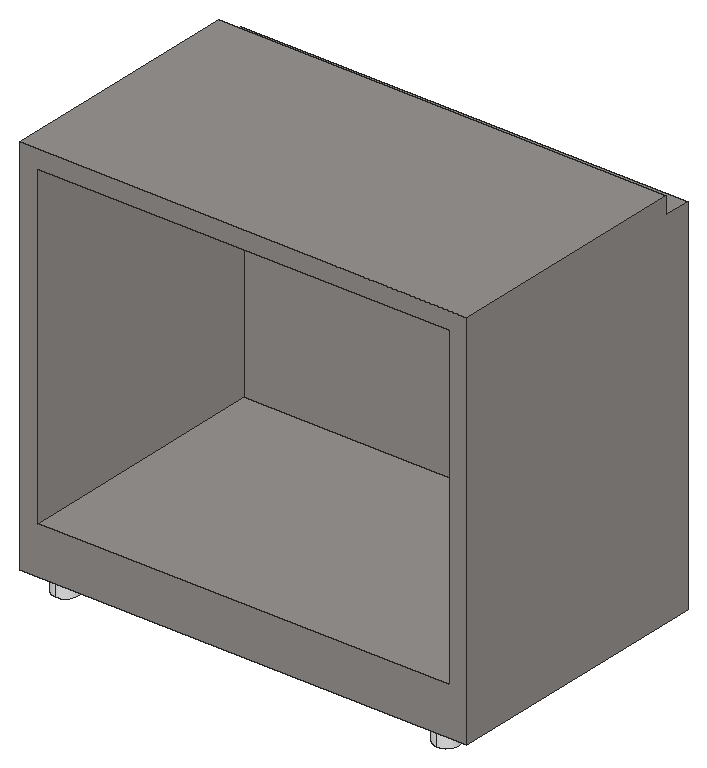
Revit family "Storage-Secondary_Desk-Teknion-BSSO_Bookcase-R2018", category Furniture, Revit 2018
Family settings
  OmniClass Number = 23.40.70.14.64.21
  OmniClass Title = Systems Furniture
  Work Plane-Based = No
  Always vertical = Yes
  Cut with Voids When Loaded = No
  Shared = Yes
  Room Calculation Point = No
Parameters (values of type "Low")
  Width [instance] = 18.000"
  Warranty = "http://www.teknion.com/ca/papers/legal-canada"
  Unit Weight URL = "http://www.teknion.com/pricing/expansion-casegoods/pdfs/wv.pdf"
  Under Height-Adjustable Run-Off [instance] = yes
  URL = "http://www.teknion.com/"
  To render please download texture images found here [instance] = "https://assets.teknion.com/web/5e81352c1dfdb467/revit-material-swatches/"
  Sustainability Data = "http://www.teknion.com/about-teknion/environment/datasheets.asp"
  Shelf Visibility [instance] = if(Height = 25.488", 1 < 2, 1 > 2)  # no
  Series = "Expansion Casegoods"  # constant formula
  Product Page URL = "http://www.teknion.com/ca/products/product-details?productlineid=0053336e-8e7a-673b-a6c8-ff00004460c4"
  Product Line = "Expansion Casegoods"  # constant formula
  Product Documentation Link = "http://www.teknion.com/pricing/expansion-casegoods/pdfs/BSSO_ppg.pdf"
  Part Number = "BSSO"  # constant formula
  Note [instance] = "Available Depths are 20 and 24 inches. Available Widths are available in a range from 18 to 42 inches in 6 inch increments."  # constant formula
  Model = "BSSO__L____"
  Manufacturer Phone = "416-661-3370"
  Manufacturer Fax = "416.661.4586"
  Manufacturer Contact Information = "http://www.teknion.com/ca/contactus"
  Manufacturer Address = "1150 Flint Road, Toronto, ON. M3J 2J5. Canada"
  Manufacturer = "Teknion"  # constant formula
  How To Use Teknion Materials User Guide [instance] = "https://assets.teknion.com/m/205dd0a49fa58060/original/How-to-add-a-Material-Library-and-Texture-Images-to-your-Revit-project.pdf"
  Height = 15.937"
  For Additional Finishes please visit [instance] = "https://assets.teknion.com/m/44a8009b046e5d47/original/Teknion_Materials_Library.zip"
  End of 1-9/16" thick Secondary Desk [instance] = no
  End of 1-3/16" thick Secondary Desk [instance] = no
  End of 1" thick Secondary Desk [instance] = no
  End Configuration [instance] = or([End of 1" thick Secondary Desk], [End of 1-3/16" thick Secondary Desk], [End of 1-9/16" thick Secondary Desk])  # no
  Description = "Bookcase for 1-3/16\" Thick Low Secondary Desk"
  Depth [instance] = 20.000"
  Center Configuration [instance] = not(or([End of 1" thick Secondary Desk], [End of 1-3/16" thick Secondary Desk], [End of 1-9/16" thick Secondary Desk]))  # yes
  Case Finish [instance] = Source Laminate - Teknion - DE - Latte
  Assembly Code = "E2020200"
  Actual Width [instance] = if(and(Width = 18.000", End Configuration), 16.775", if(and(Width = 24.000", End Configuration), 22.745", if(and(Width = 30.000", End Configuration), 28.715", if(and(Width = 36.000", End Configuration), 34.685", if(and(Width = 42.000", End Configuration), 40.655", if(and(Width = 18.000", Center Configuration), 17.910", if(and(Width = 24.000", Center Configuration), 23.880", if(and(Width = 30.000", Center Configuration), 29.850", if(and(Width = 36.000", Center Configuration), 35.820", if(and(Width = 42.000", Center Configuration), 41.790", 16.775"))))))))))  # 17.910"
  Actual Depth [instance] = if(and([Under Height-Adjustable Run-Off], Depth = 24.000"), 15.055", if(and([Under Height-Adjustable Run-Off], Depth = 20.000"), 11.055", 17.220"))  # 11.055"
Types (2): name | Shelf Visibility | Model | Height | Description
  Low | no | "BSSO__L____" | 15.937" | "Bookcase for 1-3/16\" Thick Low Secondary Desk"
  High | yes | "BSSO__H____" | 25.488" | "Bookcase for 1-3/16\" Thick High Secondary Desk"
Reference planes (in)
  plane 1 "Center F/B": y = 0
  plane 2: z = 0
  plane 3 "Center L/R": x = 0
  plane 4 "Left": x = -8.955
  plane 5 "Right": x = 8.955
  plane 6 "Back": y = 5.5275
  plane 7 "Front": y = -5.5275
  plane 8 "Top": z = 15.937
  plane 9 "Symbolic Representation Plane": z = 0
  plane 10: z = 12.55776
  plane 11: z = 11.85698
  plane 12: x = -8.254
  plane 13: x = 8.254
  plane 14: y = -5.03537
  plane 15: y = 4.8265
Forms (in)
  Sweep 1, solid, material "Source Laminate - Teknion - DE - Latte" <- "Case Finish"
    path origin (0, 0, 0) x (1, 0, 0) y (0, 0, 1)
      loop
        line (0, 0.602) -> (0, 15.937)
    profile origin (0, 0, 8.2695) x (-1, 0, 0) y (0, -1, 0)
      loop
        line (8.955, -5.5275) -> (8.955, 5.5275) -> (-8.955, 5.5275) -> (-8.955, -5.5275) -> (8.955, -5.5275)
  Sweep 2, solid, material "Metal - Teknion - C6 - Chrome"
    path origin (0, -9, 0) x (1, 0, 0) y (0, 0, 1)
      loop
        line (0, 0.602) -> (0, 0)
    profile origin (0, -9, 0.301) x (0, -1, 0) y (1, 0, 0)
      loop
        circle (-13.89472, -7.63669) r 0.48481
      loop
        circle (-13.89472, 7.63669) r 0.48481
      loop
        circle (-4.1055, -7.63669) r 0.48481
      loop
        circle (-4.1055, 7.63669) r 0.48481
  Sweep 3, void
    path origin (0, 0, 15.937) x (-1, 0, 0) y (0, -1, 0)
      loop
        line (-8.254, 0) -> (8.254, 0)
    profile origin (0, 0, 15.937) x (0, -1, 0) y (0, 0, 1)
      loop
        line (-5.5275, 0) -> (-5.5275, -0.701) -> (-4.8265, -0.701) -> (-4.8265, -13.44487) -> (5.5275, -13.44487) -> (5.5275, -0.701) -> (-4.4485, -0.701) -> (-4.4485, 0) -> (-5.5275, 0)
  Extrusion 4, void
    sketch origin (-8.955, 0, 0) x (0, 1, 0) y (0, 0, 1)
      loop
        line (5.5275, 15.236) -> (5.5275, 15.937) -> (4.4485, 15.937) -> (4.4485, 15.236) -> (5.5275, 15.236)
    from 0 to 0.701
  Extrusion 5, void
    sketch origin (8.3875, 0, 0) x (0, 1, 0) y (0, 0, -1)
      loop
        line (5.5275, -15.236) -> (4.4485, -15.236) -> (4.4485, -15.937) -> (5.5275, -15.937) -> (5.5275, -15.236)
    from -0.5675 to 0.1335
  Extrusion 6, solid, material "Source Laminate - Teknion - DE - Latte" <- "Case Finish", visible <- "Shelf Visibility"
    sketch origin (0, -5.5275, 0) x (1, 0, 0) y (0, 0, 1)
      loop
        line (-8.254, 12.55776) -> (-8.254, 11.85698) -> (8.254, 11.85698) -> (8.254, 12.55776) -> (-8.254, 12.55776)
    from -10.354 to -0.49213
Cuts and joins
  Sweep 3, Extrusion 4, Extrusion 5 cuts Sweep 1
Lines and regions (in)
  Masking region 1
    outline origin (0, 0, 0) x (1, 0, 0) y (0, 1, 0)
      loop
        line (-8.955, 5.5275) -> (-8.955, -5.5275) -> (8.955, -5.5275) -> (8.955, 5.5275) -> (-8.955, 5.5275)
  symbolic lines, style "Furniture"
    curve 1: line (-8.955, 4.4485, 0) -> (8.955, 4.4485, 0)
    curve 2: line (-8.254, 4.8265, 0) -> (-8.254, 4.4485, 0)
    curve 3: line (-8.254, 4.8265, 0) -> (8.254, 4.8265, 0)
    curve 4: line (8.254, 4.8265, 0) -> (8.254, 4.4485, 0)
  symbolic lines, style "Hidden Lines", detail levels medium+fine
    curve 5: line (-8.254, -5.03537, 0) -> (8.254, -5.03537, 0)
    curve 6: line (-8.254, 4.4485, 0) -> (-8.254, -5.5275, 0)
    curve 7: line (8.254, 4.4485, 0) -> (8.254, -5.5275, 0)
  symbolic lines, style "Hidden Lines", detail levels fine
    curve 8: arc (-7.63669, 5.37953, 0) -> (-8.1215, 4.89472, 0) -> (-7.63669, 4.40992, 0) r 0.48481
    curve 9: arc (-7.63669, 4.40992, 0) -> (-7.15189, 4.89472, 0) -> (-7.63669, 5.37953, 0) r 0.48481
    curve 10: arc (7.63669, 4.40992, 0) -> (8.1215, 4.89472, 0) -> (7.63669, 5.37953, 0) r 0.48481
    curve 11: arc (7.63669, 5.37953, 0) -> (7.15189, 4.89472, 0) -> (7.63669, 4.40992, 0) r 0.48481
    curve 12: arc (7.63669, -4.40969, 0) -> (7.15189, -4.8945, 0) -> (7.63669, -5.37931, 0) r 0.48481
    curve 13: arc (7.63669, -5.37931, 0) -> (8.1215, -4.8945, 0) -> (7.63669, -4.40969, 0) r 0.48481
    curve 14: arc (-7.63669, -4.40969, 0) -> (-8.1215, -4.8945, 0) -> (-7.63669, -5.37931, 0) r 0.48481
    curve 15: arc (-7.63669, -5.37931, 0) -> (-7.15189, -4.8945, 0) -> (-7.63669, -4.40969, 0) r 0.48481
Dimensions and locks (in)
  equal spacing: plane 4 "Left", plane 3 "Center L/R", plane 5 "Right"
  equal spacing: plane 6 "Back", plane 1 "Center F/B", plane 7 "Front"
  "Height": plane 8 "Top" to plane 2
  locked: Sweep 1 sketch curve to plane 2 at 0.602
  locked: plane 4 "Left" to Sweep 2 sketch curve at 1.31831  (x2)
  locked: Sweep 2 sketch curve to plane 5 "Right" at 1.31831  (x2)
  locked: plane 7 "Front" to Sweep 2 sketch curve at 0.633  (x2)
  locked: plane 6 "Back" to Sweep 2 sketch curve at 0.63278  (x2)
  locked: Sweep 3 sketch curve to plane 5 "Right" at 0.701
  locked: plane 4 "Left" to Sweep 3 sketch curve at 0.701
  locked: plane 8 "Top" to Sweep 3 sketch curve at 0.701
  locked: plane 6 "Back" to Sweep 3 sketch curve at 0.701
  locked: Sweep 3 sketch curve to level at 2.49213
  "Actual Width": plane 4 "Left" to plane 5 "Right"
  "Actual Depth": plane 6 "Back" to plane 7 "Front"
  plane 9 "Symbolic Representation Plane" to level = 0.000"
  Sweep 2 sketch curve to plane 2 = 0.602"
  locked: Sweep 3 sketch curve to plane 7 "Front" at 9.976
  plane 10 to plane 11 to plane 9 "Symbolic Representation Plane" = 0.70079" locked, 11.85698" locked
  locked: plane 5 "Right" to plane 13 at 0.701
  locked: plane 12 to plane 4 "Left" at 0.701
  locked: plane 7 "Front" to plane 14 at 0.49213
  locked: plane 15 to plane 6 "Back" at 0.701
  aligned and locked: level to plane 2
  aligned and locked: Masking region 1 sketch curve to plane 5 "Right"
  aligned and locked: plane 4 "Left" to Masking region 1 sketch curve
  aligned and locked: Masking region 1 sketch curve to plane 6 "Back"
  aligned and locked: Masking region 1 sketch curve to plane 7 "Front"
  aligned and locked: plane 3 "Center L/R" to Sweep 1 sketch curve
  aligned and locked: Sweep 1 sketch curve to plane 6 "Back"
  aligned and locked: plane 4 "Left" to Sweep 1 sketch curve
  aligned and locked: Sweep 1 sketch curve to plane 5 "Right"
  aligned and locked: plane 4 "Left" to curve 1
  aligned and locked: plane 5 "Right" to curve 1
  aligned and locked: Sweep 3 sketch curve to plane 1 "Center F/B"
  aligned and locked: plane 6 "Back" to Sweep 3 sketch curve
  aligned and locked: plane 8 "Top" to Sweep 3 sketch curve
  aligned and locked: plane 7 "Front" to Sweep 3 sketch curve
  aligned and locked: Sweep 3 sketch curve to Sweep 3 sketch curve
  aligned and locked: Sweep 1 sketch curve to plane 7 "Front"
  aligned and locked: curve 1 to cut or joined group of Sweep 1, Sweep 3, Extrusion 4, Extrusion 5
  aligned and locked: cut or joined group of Sweep 1, Sweep 3, Extrusion 4, Extrusion 5 to cut or joined group of Sweep 1, Sweep 3, Extrusion 4, Extrusion 5
  aligned and locked: curve 3 to cut or joined group of Sweep 1, Sweep 3, Extrusion 4, Extrusion 5
  aligned and locked: cut or joined group of Sweep 1, Sweep 3, Extrusion 4, Extrusion 5 to curve 4
  aligned and locked: level to Sweep 2 sketch curve
  aligned and locked: plane 8 "Top" to Sweep 1 sketch curve
  aligned and locked: plane 6 "Back" to Extrusion 4 sketch curve
  aligned and locked: plane 8 "Top" to Extrusion 4 sketch curve
  aligned and locked: Extrusion 4 sketch curve to cut or joined group of Sweep 1, Sweep 3, Extrusion 4, Extrusion 5  (x2)
  aligned and locked: Extrusion 4 to cut or joined group of Sweep 1, Sweep 3, Extrusion 4, Extrusion 5
  aligned and locked: Extrusion 5 to Sweep 3
  aligned and locked: plane 5 "Right" to Extrusion 5
  aligned and locked: plane 6 "Back" to Extrusion 5
  aligned and locked: Sweep 3 to Extrusion 5
  aligned and locked: Extrusion 6 sketch curve to plane 12
  aligned and locked: Extrusion 6 sketch curve to plane 10
  aligned and locked: Extrusion 6 sketch curve to plane 11
  aligned and locked: plane 13 to Extrusion 6 sketch curve
  aligned and locked: Extrusion 6 to plane 15
  aligned and locked: Extrusion 6 to plane 14
  aligned and locked: curve 5 to Extrusion 6
  aligned and locked: curve 8 to Sweep 2
  aligned and locked: curve 9 to Sweep 2
  aligned and locked: curve 10 to Sweep 2
  aligned and locked: curve 11 to Sweep 2
  aligned and locked: curve 12 to Sweep 2
  aligned and locked: curve 13 to Sweep 2
  aligned and locked: curve 14 to Sweep 2
  aligned and locked: curve 15 to Sweep 2
Automatic sketch dimensions
  Sweep 2 sketch curve to plane 3 "Center L/R" = 0.000"
  Extrusion 5 sketch curve to plane 8 "Top" = 0.000"
  Extrusion 5 sketch curve to plane 6 "Back" = 0.000"
  Extrusion 5 sketch curve to plane 6 "Back" = 1.079"
  Extrusion 5 sketch curve to plane 8 "Top" = 0.701"
  curve 5 to plane 12 = 0.000"
  plane 7 "Front" to curve 6 = 0.000"
  plane 7 "Front" to curve 7 = 0.000"
  curve 2 to plane 12 = 0.000"
  curve 5 to plane 13 = 0.000"
  radius of Sweep 2 sketch curve = 0.48481"  (x4)
